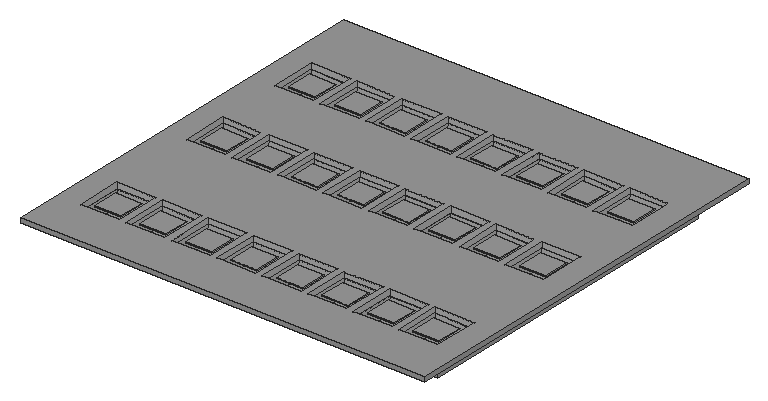
Revit family "2023870", category Lighting Fixtures, host Face, Revit 2018
Family settings
  Host = Face
  Round Connector Dimension = Use Diameter
  Part Type = Normal
  OmniClass Number = 23.80.70.00
  OmniClass Title = Lighting
  Cut with Voids When Loaded = No
  Light Source = Yes
  Shared = No
  Room Calculation Point = No
Parameters (values of type "2023870 OPTIX R 625 3L LUMI 4K ALU")
  Weight = "n/a"
  Wattage Comments = ""
  Wattage = 9.2903 W
  WarrantyStartDate [instance] = "n/a"
  WarrantyGuarantorParts = "n/a"
  WarrantyDurationUnit = "n/a"
  WarrantyDurationParts = ""
  WarrantyDescription = "http://www.sylvania-lighting.com"
  built-in parameter 1150110 = 1 (stored number, unit not read)
  Voltage = 0 V
  URL = "1"
  TypeName = "OPTIX RECESSED 625 3L LUMI 4K ALU"
  Type Image = <None>
  Type Comments = "n/a"
  built-in parameter 1114217 = 1 (stored number, unit not read)
  Tilt Angle = -90.00°
  built-in parameter 1150109 = 1 (stored number, unit not read)
  built-in parameter 1150134 = 3
  built-in parameter 1150113 = 1 (stored number, unit not read)
  SerialNumber [instance] = "n/a"
  Photometric Web File = "2023870.ies"
  Material_3_SYL = none
  PowerFactor = 0
  PowerConsumption = "Lighting"
  NominalLength = 621 mm
  NominalHeight = 38 mm
  NominalDepth = 620 mm
  Name = "OPTIX RECESSED 625 3L LUMI 4K ALU"
  ModelReference = Name  # "OPTIX RECESSED 625 3L LUMI 4K ALU"
  ModelNumber = "2023870"
  Model = Name  # "OPTIX RECESSED 625 3L LUMI 4K ALU"
  Material = "Feilo Sylvania"
  ManufacturerName = "102 lm/W"
  Manufacturer = ""
  LuminousEfficacy = ""
  built-in parameter 1150105 = 109.82 (stored number, unit not read)
  Lumens = 1380 lm
  LuminaireType = "0"
  built-in parameter 1150115 = 1 (stored number, unit not read)
  LightOutputRatio = "LED"
  built-in parameter 1150137 = (empty or 0)
  built-in parameter 1150139 = (empty or 0)
  LampsType = Lamp  # "n/a"
  LampNominalLuminous = "4000 K"
  LampMacAdamStep = "98"
  LampColourTemperature = "LED"
  LampColourRenderingIndex = "16500"
  built-in parameter 1150112 = 1 (stored number, unit not read)
  built-in parameter 1150114 = 1 (stored number, unit not read)
  Lamp = "n/a"
  Keynote = "n/a"
  InstallationDate [instance] = "n/a"
  InputVoltage = "0"
  InputNominalFrequency = "4000"
  built-in parameter 1150132 = (empty or 0)
  built-in parameter 1150102 = (empty or 0)
  built-in parameter 1150107 = 3200 (stored number, unit not read)
  built-in parameter 1150138 = (empty or 0)
  IngressProtection = "IfcLightFixtureType"
  ImpactProtectionIndex = "IfcLightFixtureType"
  built-in parameter 1150106 = 1.0982 (stored number, unit not read)
  IfcExportType = "IfcLightFixtureType"
  IfcExportAs = "Class I"
  Emit from Circle Diameter = 609.6 mm
  Emit Shape Visible in Rendering = no
  ElectricShockClassification = "102"
  built-in parameter 1150104 = 13.8 (stored number, unit not read)
  DocumentationLiterature = "http://www.sylvania-lighting.com/product/en-int/products/2023870"
  DimmingControlOptions = "n/a"
  Material_2_SYL = none
  Dimming Lamp Color Temperature Shift = <None>
  Description = "OPTIX RECESSED 625 3L LUMI 4000K ALU is a ceiling recessed luminaire for office and education applications with Aluminised plastic extra low glare optics and RAL9016 colour fixture body. Constant current driver. 4000K Neutral White LED, chromaticity tolerance of 3-step MacAdam ellipse. For 4000K - Colour rendering index Ra >98; Melanopic Ratio MEER: 0.776; Fidelity Index Rᶠ: 94; Gamut Index Rᶢ: 98. For 4000K luminous flux: 3750lm. Power consumption: 37W. Luminaire efficacy: 102lm/W. UGR<16 Luminance at 65°<200 Cd/m2, IK07, IP20. Photobiological safety risk group 0. Electrical protection Class I. Glow wire test 850°C. 60,000hrs L80B20 lifespan."
  Default Elevation = 1219.2 mm
  CreatedOn = "13/10/2022"
  CreatedBy = "@sylvania-lighting.com"
  Cost = 0
  Color Filter = 16777215
  built-in parameter 1114216 [instance] = (empty or 0)
  ClassificationValue = "EF_70_80"
  ClassificationName = "Uniclass2015"
  Material_1_SYL = none
  BarCode [instance] = "n/a"
  built-in parameter 1114218 = 1 (stored number, unit not read)
  built-in parameter 1150133 = 10 (stored number, unit not read)
  AssetType = "Fixed"
  AssetIdentifier [instance] = "n/a"
  Assembly Code = "D5020200"
  Apparent Load = 37 VA
  Material_4_SYL = none
Reference planes
  plane 1 "Center (Front/Back)": y = 0
  plane 2: z = 0
  plane 3 "Center (Left/Right)": x = 0
  plane 4: x = -310.5
  plane 5: x = 310.5
  plane 6: y = 310
  plane 7: y = -310
  plane 8: x = -281.5
  plane 9: x = 281.5
  plane 10: y = 250
  plane 11: y = -250
  plane 12: z = -32
  plane 13: z = 6
  plane 14: y = 204
  plane 15: y = -204
  plane 16: y = 134
  plane 17: y = -134
  plane 18: x = -280
  plane 19: x = 280
  plane 20: x = -275.2
  plane 21: x = -215.2
  plane 22: x = -205.4
  plane 23: x = -145.397
  plane 24: x = -135.597
  plane 25: x = -75.597
  plane 26: x = -65.797
  plane 27: x = -5.797
  plane 28: x = 4.003
  plane 29: x = 64.003
  plane 30: x = 73.803
  plane 31: x = 143.603
  plane 32: x = 133.803
  plane 33: x = 203.603
  plane 34: x = 213.403
  plane 35: x = 273.403
  plane 36: y = 149
  plane 37: y = 189
  plane 38: x = -225.2
  plane 39: x = -265.2
  plane 40: y = 169
  plane 41: y = 35
  plane 42: y = -35
  plane 43: x = -275.2
  plane 44: x = -215.2
  plane 45: x = -205.4
  plane 46: x = -145.397
  plane 47: x = -135.597
  plane 48: x = -75.597
  plane 49: x = -65.797
  plane 50: x = -5.797
  plane 51: x = 4.003
  plane 52: x = 64.003
  plane 53: x = 73.803
  plane 54: x = 143.603
  plane 55: x = 133.803
  plane 56: x = 203.603
  plane 57: x = 213.403
  plane 58: x = 273.403
  plane 59: y = -20
  plane 60: y = 20
  plane 61: x = -225.2
  plane 62: x = -265.2
  plane 63: y = 0
  plane 64: x = -275.2
  plane 65: x = -215.2
  plane 66: x = -205.4
  plane 67: x = -145.397
  plane 68: x = -135.597
  plane 69: x = -75.597
  plane 70: x = -65.797
  plane 71: x = -5.797
  plane 72: x = 4.003
  plane 73: x = 64.003
  plane 74: x = 73.803
  plane 75: x = 143.603
  plane 76: x = 133.803
  plane 77: x = 203.603
  plane 78: x = 213.403
  plane 79: x = 273.403
  plane 80: y = -224
  plane 81: y = -184
  plane 82: x = -225.2
  plane 83: x = -265.2
Forms (mm)
  Extrusion 1, solid, material "Aluminum", detail levels medium+fine
    sketch origin (0, 0, 0) x (1, 0, 0) y (0, 1, 0)
      loop
        line (-310.5, 310) -> (-310.5, -310) -> (310.5, -310) -> (310.5, 310) -> (-310.5, 310)
    from 0 to 6
  Extrusion 2, solid, material "Aluminum", detail levels medium+fine
    sketch origin (0, 0, 0) x (1, 0, 0) y (0, 1, 0)
      loop
        line (-281.5, 250) -> (-281.5, -250) -> (281.5, -250) -> (281.5, 250) -> (-281.5, 250)
    from 0 to -32
  Blend 3, void
    base sketch origin (0, 0, 0) x (1, 0, 0) y (0, 1, 0)
      loop
        line (-275.2, 204) -> (-275.2, 134) -> (-215.2, 134) -> (-215.2, 204) -> (-275.2, 204)
    top sketch origin (0, 0, 0) x (1, 0, 0) y (0, 1, 0)
      loop
        line (-265.2, 189) -> (-265.2, 149) -> (-225.2, 149) -> (-225.2, 189) -> (-265.2, 189)
    from 6 to -19
  Blend 4, void
    base sketch origin (69.8, 0, 0) x (1, 0, 0) y (0, 1, 0)
      loop
        line (-275.2, 204) -> (-275.2, 134) -> (-215.2, 134) -> (-215.2, 204) -> (-275.2, 204)
    top sketch origin (69.8, 0, 0) x (1, 0, 0) y (0, 1, 0)
      loop
        line (-265.2, 189) -> (-265.2, 149) -> (-225.2, 149) -> (-225.2, 189) -> (-265.2, 189)
    from 6 to -19
  Blend 5, void
    base sketch origin (139.603, 0, 0) x (1, 0, 0) y (0, 1, 0)
      loop
        line (-275.2, 204) -> (-275.2, 134) -> (-215.2, 134) -> (-215.2, 204) -> (-275.2, 204)
    top sketch origin (139.603, 0, 0) x (1, 0, 0) y (0, 1, 0)
      loop
        line (-265.2, 189) -> (-265.2, 149) -> (-225.2, 149) -> (-225.2, 189) -> (-265.2, 189)
    from 6 to -19
  Blend 6, void
    base sketch origin (209.403, 0, 0) x (1, 0, 0) y (0, 1, 0)
      loop
        line (-275.2, 204) -> (-275.2, 134) -> (-215.2, 134) -> (-215.2, 204) -> (-275.2, 204)
    top sketch origin (209.403, 0, 0) x (1, 0, 0) y (0, 1, 0)
      loop
        line (-265.2, 189) -> (-265.2, 149) -> (-225.2, 149) -> (-225.2, 189) -> (-265.2, 189)
    from 6 to -19
  Blend 7, void
    base sketch origin (279.203, 0, 0) x (1, 0, 0) y (0, 1, 0)
      loop
        line (-275.2, 204) -> (-275.2, 134) -> (-215.2, 134) -> (-215.2, 204) -> (-275.2, 204)
    top sketch origin (279.203, 0, 0) x (1, 0, 0) y (0, 1, 0)
      loop
        line (-265.2, 189) -> (-265.2, 149) -> (-225.2, 149) -> (-225.2, 189) -> (-265.2, 189)
    from 6 to -19
  Blend 8, void
    base sketch origin (349.003, 0, 0) x (1, 0, 0) y (0, 1, 0)
      loop
        line (-275.2, 204) -> (-275.2, 134) -> (-215.2, 134) -> (-215.2, 204) -> (-275.2, 204)
    top sketch origin (349.003, 0, 0) x (1, 0, 0) y (0, 1, 0)
      loop
        line (-265.2, 189) -> (-265.2, 149) -> (-225.2, 149) -> (-225.2, 189) -> (-265.2, 189)
    from 6 to -19
  Blend 9, void
    base sketch origin (418.803, 0, 0) x (1, 0, 0) y (0, 1, 0)
      loop
        line (-275.2, 204) -> (-275.2, 134) -> (-215.2, 134) -> (-215.2, 204) -> (-275.2, 204)
    top sketch origin (418.803, 0, 0) x (1, 0, 0) y (0, 1, 0)
      loop
        line (-265.2, 189) -> (-265.2, 149) -> (-225.2, 149) -> (-225.2, 189) -> (-265.2, 189)
    from 6 to -19
  Blend 10, void
    base sketch origin (488.603, 0, 0) x (1, 0, 0) y (0, 1, 0)
      loop
        line (-275.2, 204) -> (-275.2, 134) -> (-215.2, 134) -> (-215.2, 204) -> (-275.2, 204)
    top sketch origin (488.603, 0, 0) x (1, 0, 0) y (0, 1, 0)
      loop
        line (-265.2, 189) -> (-265.2, 149) -> (-225.2, 149) -> (-225.2, 189) -> (-265.2, 189)
    from 6 to -19
  Extrusion 11, solid, material "Glass, White, High Luminance", detail levels fine
    sketch origin (0, 0, 0) x (1, 0, 0) y (0, 1, 0)
      loop
        line (-265.2, 189) -> (-265.2, 149) -> (-225.2, 149) -> (-225.2, 189) -> (-265.2, 189)
    from 0 to 1
  Extrusion 12, solid, material "Glass, White, High Luminance", detail levels fine
    sketch origin (69.8, 0, 0) x (1, 0, 0) y (0, 1, 0)
      loop
        line (-265.2, 189) -> (-265.2, 149) -> (-225.2, 149) -> (-225.2, 189) -> (-265.2, 189)
    from 0 to 1
  Extrusion 13, solid, material "Glass, White, High Luminance", detail levels fine
    sketch origin (139.603, 0, 0) x (1, 0, 0) y (0, 1, 0)
      loop
        line (-265.2, 189) -> (-265.2, 149) -> (-225.2, 149) -> (-225.2, 189) -> (-265.2, 189)
    from 0 to 1
  Extrusion 14, solid, material "Glass, White, High Luminance", detail levels fine
    sketch origin (209.403, 0, 0) x (1, 0, 0) y (0, 1, 0)
      loop
        line (-265.2, 189) -> (-265.2, 149) -> (-225.2, 149) -> (-225.2, 189) -> (-265.2, 189)
    from 0 to 1
  Extrusion 15, solid, material "Glass, White, High Luminance", detail levels fine
    sketch origin (279.203, 0, 0) x (1, 0, 0) y (0, 1, 0)
      loop
        line (-265.2, 189) -> (-265.2, 149) -> (-225.2, 149) -> (-225.2, 189) -> (-265.2, 189)
    from 0 to 1
  Extrusion 16, solid, material "Glass, White, High Luminance", detail levels fine
    sketch origin (349.003, 0, 0) x (1, 0, 0) y (0, 1, 0)
      loop
        line (-265.2, 189) -> (-265.2, 149) -> (-225.2, 149) -> (-225.2, 189) -> (-265.2, 189)
    from 0 to 1
  Extrusion 17, solid, material "Glass, White, High Luminance", detail levels fine
    sketch origin (418.803, 0, 0) x (1, 0, 0) y (0, 1, 0)
      loop
        line (-265.2, 189) -> (-265.2, 149) -> (-225.2, 149) -> (-225.2, 189) -> (-265.2, 189)
    from 0 to 1
  Extrusion 18, solid, material "Glass, White, High Luminance", detail levels fine
    sketch origin (488.603, 0, 0) x (1, 0, 0) y (0, 1, 0)
      loop
        line (-265.2, 189) -> (-265.2, 149) -> (-225.2, 149) -> (-225.2, 189) -> (-265.2, 189)
    from 0 to 1
  Extrusion 19, solid, material "Glass, White, High Luminance", detail levels fine
    sketch origin (0, -169, 0) x (1, 0, 0) y (0, 1, 0)
      loop
        line (-265.2, 189) -> (-265.2, 149) -> (-225.2, 149) -> (-225.2, 189) -> (-265.2, 189)
    from 0 to 1
  Extrusion 20, solid, material "Glass, White, High Luminance", detail levels fine
    sketch origin (69.8, -169, 0) x (1, 0, 0) y (0, 1, 0)
      loop
        line (-265.2, 189) -> (-265.2, 149) -> (-225.2, 149) -> (-225.2, 189) -> (-265.2, 189)
    from 0 to 1
  Extrusion 21, solid, material "Glass, White, High Luminance", detail levels fine
    sketch origin (139.603, -169, 0) x (1, 0, 0) y (0, 1, 0)
      loop
        line (-265.2, 189) -> (-265.2, 149) -> (-225.2, 149) -> (-225.2, 189) -> (-265.2, 189)
    from 0 to 1
  Extrusion 22, solid, material "Glass, White, High Luminance", detail levels fine
    sketch origin (209.403, -169, 0) x (1, 0, 0) y (0, 1, 0)
      loop
        line (-265.2, 189) -> (-265.2, 149) -> (-225.2, 149) -> (-225.2, 189) -> (-265.2, 189)
    from 0 to 1
  Extrusion 23, solid, material "Glass, White, High Luminance", detail levels fine
    sketch origin (279.203, -169, 0) x (1, 0, 0) y (0, 1, 0)
      loop
        line (-265.2, 189) -> (-265.2, 149) -> (-225.2, 149) -> (-225.2, 189) -> (-265.2, 189)
    from 0 to 1
  Extrusion 24, solid, material "Glass, White, High Luminance", detail levels fine
    sketch origin (349.003, -169, 0) x (1, 0, 0) y (0, 1, 0)
      loop
        line (-265.2, 189) -> (-265.2, 149) -> (-225.2, 149) -> (-225.2, 189) -> (-265.2, 189)
    from 0 to 1
  Extrusion 25, solid, material "Glass, White, High Luminance", detail levels fine
    sketch origin (418.803, -169, 0) x (1, 0, 0) y (0, 1, 0)
      loop
        line (-265.2, 189) -> (-265.2, 149) -> (-225.2, 149) -> (-225.2, 189) -> (-265.2, 189)
    from 0 to 1
  Extrusion 26, solid, material "Glass, White, High Luminance", detail levels fine
    sketch origin (488.603, -169, 0) x (1, 0, 0) y (0, 1, 0)
      loop
        line (-265.2, 189) -> (-265.2, 149) -> (-225.2, 149) -> (-225.2, 189) -> (-265.2, 189)
    from 0 to 1
  Blend 27, void
    base sketch origin (0, -169, 0) x (1, 0, 0) y (0, 1, 0)
      loop
        line (-275.2, 204) -> (-275.2, 134) -> (-215.2, 134) -> (-215.2, 204) -> (-275.2, 204)
    top sketch origin (0, -169, 0) x (1, 0, 0) y (0, 1, 0)
      loop
        line (-265.2, 189) -> (-265.2, 149) -> (-225.2, 149) -> (-225.2, 189) -> (-265.2, 189)
    from 6 to -19
  Blend 28, void
    base sketch origin (69.8, -169, 0) x (1, 0, 0) y (0, 1, 0)
      loop
        line (-275.2, 204) -> (-275.2, 134) -> (-215.2, 134) -> (-215.2, 204) -> (-275.2, 204)
    top sketch origin (69.8, -169, 0) x (1, 0, 0) y (0, 1, 0)
      loop
        line (-265.2, 189) -> (-265.2, 149) -> (-225.2, 149) -> (-225.2, 189) -> (-265.2, 189)
    from 6 to -19
  Blend 29, void
    base sketch origin (139.603, -169, 0) x (1, 0, 0) y (0, 1, 0)
      loop
        line (-275.2, 204) -> (-275.2, 134) -> (-215.2, 134) -> (-215.2, 204) -> (-275.2, 204)
    top sketch origin (139.603, -169, 0) x (1, 0, 0) y (0, 1, 0)
      loop
        line (-265.2, 189) -> (-265.2, 149) -> (-225.2, 149) -> (-225.2, 189) -> (-265.2, 189)
    from 6 to -19
  Blend 30, void
    base sketch origin (209.403, -169, 0) x (1, 0, 0) y (0, 1, 0)
      loop
        line (-275.2, 204) -> (-275.2, 134) -> (-215.2, 134) -> (-215.2, 204) -> (-275.2, 204)
    top sketch origin (209.403, -169, 0) x (1, 0, 0) y (0, 1, 0)
      loop
        line (-265.2, 189) -> (-265.2, 149) -> (-225.2, 149) -> (-225.2, 189) -> (-265.2, 189)
    from 6 to -19
  Blend 31, void
    base sketch origin (279.203, -169, 0) x (1, 0, 0) y (0, 1, 0)
      loop
        line (-275.2, 204) -> (-275.2, 134) -> (-215.2, 134) -> (-215.2, 204) -> (-275.2, 204)
    top sketch origin (279.203, -169, 0) x (1, 0, 0) y (0, 1, 0)
      loop
        line (-265.2, 189) -> (-265.2, 149) -> (-225.2, 149) -> (-225.2, 189) -> (-265.2, 189)
    from 6 to -19
  Blend 32, void
    base sketch origin (349.003, -169, 0) x (1, 0, 0) y (0, 1, 0)
      loop
        line (-275.2, 204) -> (-275.2, 134) -> (-215.2, 134) -> (-215.2, 204) -> (-275.2, 204)
    top sketch origin (349.003, -169, 0) x (1, 0, 0) y (0, 1, 0)
      loop
        line (-265.2, 189) -> (-265.2, 149) -> (-225.2, 149) -> (-225.2, 189) -> (-265.2, 189)
    from 6 to -19
  Blend 33, void
    base sketch origin (418.803, -169, 0) x (1, 0, 0) y (0, 1, 0)
      loop
        line (-275.2, 204) -> (-275.2, 134) -> (-215.2, 134) -> (-215.2, 204) -> (-275.2, 204)
    top sketch origin (418.803, -169, 0) x (1, 0, 0) y (0, 1, 0)
      loop
        line (-265.2, 189) -> (-265.2, 149) -> (-225.2, 149) -> (-225.2, 189) -> (-265.2, 189)
    from 6 to -19
  Blend 34, void
    base sketch origin (488.603, -169, 0) x (1, 0, 0) y (0, 1, 0)
      loop
        line (-275.2, 204) -> (-275.2, 134) -> (-215.2, 134) -> (-215.2, 204) -> (-275.2, 204)
    top sketch origin (488.603, -169, 0) x (1, 0, 0) y (0, 1, 0)
      loop
        line (-265.2, 189) -> (-265.2, 149) -> (-225.2, 149) -> (-225.2, 189) -> (-265.2, 189)
    from 6 to -19
  Extrusion 35, solid, material "Glass, White, High Luminance", detail levels fine
    sketch origin (0, -373, 0) x (1, 0, 0) y (0, 1, 0)
      loop
        line (-265.2, 189) -> (-265.2, 149) -> (-225.2, 149) -> (-225.2, 189) -> (-265.2, 189)
    from 0 to 1
  Extrusion 36, solid, material "Glass, White, High Luminance", detail levels fine
    sketch origin (69.8, -373, 0) x (1, 0, 0) y (0, 1, 0)
      loop
        line (-265.2, 189) -> (-265.2, 149) -> (-225.2, 149) -> (-225.2, 189) -> (-265.2, 189)
    from 0 to 1
  Extrusion 37, solid, material "Glass, White, High Luminance", detail levels fine
    sketch origin (139.603, -373, 0) x (1, 0, 0) y (0, 1, 0)
      loop
        line (-265.2, 189) -> (-265.2, 149) -> (-225.2, 149) -> (-225.2, 189) -> (-265.2, 189)
    from 0 to 1
  Extrusion 38, solid, material "Glass, White, High Luminance", detail levels fine
    sketch origin (209.403, -373, 0) x (1, 0, 0) y (0, 1, 0)
      loop
        line (-265.2, 189) -> (-265.2, 149) -> (-225.2, 149) -> (-225.2, 189) -> (-265.2, 189)
    from 0 to 1
  Extrusion 39, solid, material "Glass, White, High Luminance", detail levels fine
    sketch origin (279.203, -373, 0) x (1, 0, 0) y (0, 1, 0)
      loop
        line (-265.2, 189) -> (-265.2, 149) -> (-225.2, 149) -> (-225.2, 189) -> (-265.2, 189)
    from 0 to 1
  Extrusion 40, solid, material "Glass, White, High Luminance", detail levels fine
    sketch origin (349.003, -373, 0) x (1, 0, 0) y (0, 1, 0)
      loop
        line (-265.2, 189) -> (-265.2, 149) -> (-225.2, 149) -> (-225.2, 189) -> (-265.2, 189)
    from 0 to 1
  Extrusion 41, solid, material "Glass, White, High Luminance", detail levels fine
    sketch origin (418.803, -373, 0) x (1, 0, 0) y (0, 1, 0)
      loop
        line (-265.2, 189) -> (-265.2, 149) -> (-225.2, 149) -> (-225.2, 189) -> (-265.2, 189)
    from 0 to 1
  Extrusion 42, solid, material "Glass, White, High Luminance", detail levels fine
    sketch origin (488.603, -373, 0) x (1, 0, 0) y (0, 1, 0)
      loop
        line (-265.2, 189) -> (-265.2, 149) -> (-225.2, 149) -> (-225.2, 189) -> (-265.2, 189)
    from 0 to 1
  Blend 43, void
    base sketch origin (0, -373, 0) x (1, 0, 0) y (0, 1, 0)
      loop
        line (-275.2, 204) -> (-275.2, 134) -> (-215.2, 134) -> (-215.2, 204) -> (-275.2, 204)
    top sketch origin (0, -373, 0) x (1, 0, 0) y (0, 1, 0)
      loop
        line (-265.2, 189) -> (-265.2, 149) -> (-225.2, 149) -> (-225.2, 189) -> (-265.2, 189)
    from 6 to -19
  Blend 44, void
    base sketch origin (69.8, -373, 0) x (1, 0, 0) y (0, 1, 0)
      loop
        line (-275.2, 204) -> (-275.2, 134) -> (-215.2, 134) -> (-215.2, 204) -> (-275.2, 204)
    top sketch origin (69.8, -373, 0) x (1, 0, 0) y (0, 1, 0)
      loop
        line (-265.2, 189) -> (-265.2, 149) -> (-225.2, 149) -> (-225.2, 189) -> (-265.2, 189)
    from 6 to -19
  Blend 45, void
    base sketch origin (139.603, -373, 0) x (1, 0, 0) y (0, 1, 0)
      loop
        line (-275.2, 204) -> (-275.2, 134) -> (-215.2, 134) -> (-215.2, 204) -> (-275.2, 204)
    top sketch origin (139.603, -373, 0) x (1, 0, 0) y (0, 1, 0)
      loop
        line (-265.2, 189) -> (-265.2, 149) -> (-225.2, 149) -> (-225.2, 189) -> (-265.2, 189)
    from 6 to -19
  Blend 46, void
    base sketch origin (209.403, -373, 0) x (1, 0, 0) y (0, 1, 0)
      loop
        line (-275.2, 204) -> (-275.2, 134) -> (-215.2, 134) -> (-215.2, 204) -> (-275.2, 204)
    top sketch origin (209.403, -373, 0) x (1, 0, 0) y (0, 1, 0)
      loop
        line (-265.2, 189) -> (-265.2, 149) -> (-225.2, 149) -> (-225.2, 189) -> (-265.2, 189)
    from 6 to -19
  Blend 47, void
    base sketch origin (279.203, -373, 0) x (1, 0, 0) y (0, 1, 0)
      loop
        line (-275.2, 204) -> (-275.2, 134) -> (-215.2, 134) -> (-215.2, 204) -> (-275.2, 204)
    top sketch origin (279.203, -373, 0) x (1, 0, 0) y (0, 1, 0)
      loop
        line (-265.2, 189) -> (-265.2, 149) -> (-225.2, 149) -> (-225.2, 189) -> (-265.2, 189)
    from 6 to -19
  Blend 48, void
    base sketch origin (349.003, -373, 0) x (1, 0, 0) y (0, 1, 0)
      loop
        line (-275.2, 204) -> (-275.2, 134) -> (-215.2, 134) -> (-215.2, 204) -> (-275.2, 204)
    top sketch origin (349.003, -373, 0) x (1, 0, 0) y (0, 1, 0)
      loop
        line (-265.2, 189) -> (-265.2, 149) -> (-225.2, 149) -> (-225.2, 189) -> (-265.2, 189)
    from 6 to -19
  Blend 49, void
    base sketch origin (418.803, -373, 0) x (1, 0, 0) y (0, 1, 0)
      loop
        line (-275.2, 204) -> (-275.2, 134) -> (-215.2, 134) -> (-215.2, 204) -> (-275.2, 204)
    top sketch origin (418.803, -373, 0) x (1, 0, 0) y (0, 1, 0)
      loop
        line (-265.2, 189) -> (-265.2, 149) -> (-225.2, 149) -> (-225.2, 189) -> (-265.2, 189)
    from 6 to -19
  Blend 50, void
    base sketch origin (488.603, -373, 0) x (1, 0, 0) y (0, 1, 0)
      loop
        line (-275.2, 204) -> (-275.2, 134) -> (-215.2, 134) -> (-215.2, 204) -> (-275.2, 204)
    top sketch origin (488.603, -373, 0) x (1, 0, 0) y (0, 1, 0)
      loop
        line (-265.2, 189) -> (-265.2, 149) -> (-225.2, 149) -> (-225.2, 189) -> (-265.2, 189)
    from 6 to -19
  Extrusion 51, solid, detail levels coarse
    sketch origin (0, 0, 0) x (1, 0, 0) y (0, 0, 1)
      loop
        line (-310.5, 6) -> (-310.5, -32) -> (310, -32) -> (310, 6) -> (-310.5, 6)
    from -310 to 310
Cuts and joins
  Blend 3, Blend 4, Blend 5, Blend 6, Blend 7, Blend 8, Blend 9, Blend 10, Blend 27, Blend 28, Blend 29, Blend 30, Blend 31, Blend 32, Blend 33, Blend 34, Blend 43, Blend 44, Blend 45, Blend 46, Blend 47, Blend 48, Blend 49, Blend 50 cuts Extrusion 1
  Blend 3, Blend 4, Blend 5, Blend 6, Blend 7, Blend 8, Blend 9, Blend 10, Blend 27, Blend 28, Blend 29, Blend 30, Blend 31, Blend 32, Blend 33, Blend 34, Blend 43, Blend 44, Blend 45, Blend 46, Blend 47, Blend 48, Blend 49, Blend 50 cuts Extrusion 2
  Blend 27 cuts Extrusion 11
  Blend 28 cuts Extrusion 12
  Blend 29 cuts Extrusion 13
  Blend 30 cuts Extrusion 14
  Blend 31 cuts Extrusion 15
  Blend 32 cuts Extrusion 16
  Blend 33 cuts Extrusion 17
  Blend 34 cuts Extrusion 18
  Blend 43 cuts Extrusion 19
  Blend 44 cuts Extrusion 20
  Blend 45 cuts Extrusion 21
  Blend 46 cuts Extrusion 22
  Blend 47 cuts Extrusion 23
  Blend 48 cuts Extrusion 24
  Blend 49 cuts Extrusion 25
  Blend 50 cuts Extrusion 26
Dimensions and locks
  "NominalLength": plane 4 to plane 5
  equal spacing: plane 4, plane 3 "Center (Left/Right)", plane 5
  "NominalDepth": plane 6 to plane 7
  equal spacing: plane 6, plane 1 "Center (Front/Back)", plane 7
  plane 12 to plane 2 = 32 mm
  plane 13 to plane 2 = 6 mm
  "NominalHeight": plane 12 to plane 13
  aligned and locked: plane 2 to host face
  aligned and locked: level to host face
Automatic sketch dimensions
  host sketch curve to host sketch curve = 2438.4 mm  (x2)
  Extrusion 1 sketch curve to plane 4 = 0 mm
  Extrusion 1 sketch curve to plane 5 = 0 mm
  Extrusion 1 sketch curve to plane 7 = 0 mm
  Extrusion 1 sketch curve to plane 6 = 0 mm
  Extrusion 2 sketch curve to plane 8 = 0 mm
  Extrusion 2 sketch curve to plane 9 = 0 mm
  Extrusion 2 sketch curve to plane 11 = 0 mm
  Extrusion 2 sketch curve to plane 10 = 0 mm
  Blend 3 sketch curve to plane 16 = 0 mm
  Blend 3 sketch curve to plane 20 = 0 mm
  Blend 3 sketch curve to plane 21 = 0 mm
  Blend 3 sketch curve to plane 14 = 0 mm
  Blend 3 sketch curve to plane 36 = 0 mm
  Blend 3 sketch curve to plane 39 = 0 mm
  Blend 3 sketch curve to plane 38 = 0 mm
  Blend 3 sketch curve to plane 37 = 0 mm
  Blend 4 sketch curve to plane 16 = 0 mm
  Blend 4 sketch curve to plane 22 = 0 mm
  Blend 4 sketch curve to plane 14 = 0 mm
  Blend 4 sketch curve to plane 23 = 0.003 mm
  Blend 4 sketch curve to plane 36 = 0 mm
  Blend 4 sketch curve to plane 37 = 0 mm
  plane 22 to Blend 4 sketch curve = 10 mm
  Blend 4 sketch curve to plane 23 = 10.003 mm
  Blend 5 sketch curve to plane 16 = 0 mm
  Blend 5 sketch curve to plane 24 = 0 mm
  Blend 5 sketch curve to plane 25 = 0 mm
  Blend 5 sketch curve to plane 14 = 0 mm
  plane 36 to Blend 5 sketch curve = 0 mm
  plane 37 to Blend 5 sketch curve = 0 mm
  plane 24 to Blend 5 sketch curve = 10 mm
  Blend 5 sketch curve to plane 25 = 10 mm
  Blend 6 sketch curve to plane 16 = 0 mm
  Blend 6 sketch curve to plane 26 = 0 mm
  Blend 6 sketch curve to plane 27 = 0 mm
  Blend 6 sketch curve to plane 14 = 0 mm
  plane 36 to Blend 6 sketch curve = 0 mm
  plane 37 to Blend 6 sketch curve = 0 mm
  plane 26 to Blend 6 sketch curve = 10 mm
  Blend 6 sketch curve to plane 27 = 10 mm
  Blend 7 sketch curve to plane 16 = 0 mm
  Blend 7 sketch curve to plane 28 = 0 mm
  Blend 7 sketch curve to plane 29 = 0 mm
  Blend 7 sketch curve to plane 14 = 0 mm
  plane 36 to Blend 7 sketch curve = 0 mm
  plane 37 to Blend 7 sketch curve = 0 mm
  plane 28 to Blend 7 sketch curve = 10 mm
  Blend 7 sketch curve to plane 29 = 10 mm
  Blend 8 sketch curve to plane 16 = 0 mm
  Blend 8 sketch curve to plane 30 = 0 mm
  Blend 8 sketch curve to plane 32 = 0 mm
  Blend 8 sketch curve to plane 14 = 0 mm
  plane 36 to Blend 8 sketch curve = 0 mm
  plane 37 to Blend 8 sketch curve = 0 mm
  plane 30 to Blend 8 sketch curve = 10 mm
  Blend 8 sketch curve to plane 32 = 10 mm
  Blend 9 sketch curve to plane 16 = 0 mm
  Blend 9 sketch curve to plane 31 = 0 mm
  Blend 9 sketch curve to plane 33 = 0 mm
  Blend 9 sketch curve to plane 14 = 0 mm
  plane 36 to Blend 9 sketch curve = 0 mm
  plane 37 to Blend 9 sketch curve = 0 mm
  plane 31 to Blend 9 sketch curve = 10 mm
  Blend 9 sketch curve to plane 33 = 10 mm
  Blend 10 sketch curve to plane 16 = 0 mm
  Blend 10 sketch curve to plane 34 = 0 mm
  Blend 10 sketch curve to plane 35 = 0 mm
  Blend 10 sketch curve to plane 14 = 0 mm
  plane 36 to Blend 10 sketch curve = 0 mm
  plane 37 to Blend 10 sketch curve = 0 mm
  plane 34 to Blend 10 sketch curve = 10 mm
  Blend 10 sketch curve to plane 35 = 10 mm
  Extrusion 11 sketch curve to plane 36 = 0 mm
  Extrusion 11 sketch curve to plane 39 = 0 mm
  Extrusion 11 sketch curve to plane 38 = 0 mm
  Extrusion 11 sketch curve to plane 37 = 0 mm
  Extrusion 12 sketch curve to plane 36 = 0 mm
  Extrusion 12 sketch curve to plane 37 = 0 mm
  plane 22 to Extrusion 12 sketch curve = 10 mm
  Extrusion 12 sketch curve to plane 23 = 10.003 mm
  plane 36 to Extrusion 13 sketch curve = 0 mm
  plane 37 to Extrusion 13 sketch curve = 0 mm
  plane 24 to Extrusion 13 sketch curve = 10 mm
  Extrusion 13 sketch curve to plane 25 = 10 mm
  plane 36 to Extrusion 14 sketch curve = 0 mm
  plane 37 to Extrusion 14 sketch curve = 0 mm
  plane 26 to Extrusion 14 sketch curve = 10 mm
  Extrusion 14 sketch curve to plane 27 = 10 mm
  plane 36 to Extrusion 15 sketch curve = 0 mm
  plane 37 to Extrusion 15 sketch curve = 0 mm
  plane 28 to Extrusion 15 sketch curve = 10 mm
  Extrusion 15 sketch curve to plane 29 = 10 mm
  plane 36 to Extrusion 16 sketch curve = 0 mm
  plane 37 to Extrusion 16 sketch curve = 0 mm
  plane 30 to Extrusion 16 sketch curve = 10 mm
  Extrusion 16 sketch curve to plane 32 = 10 mm
  plane 36 to Extrusion 17 sketch curve = 0 mm
  plane 37 to Extrusion 17 sketch curve = 0 mm
  plane 31 to Extrusion 17 sketch curve = 10 mm
  Extrusion 17 sketch curve to plane 33 = 10 mm
  plane 36 to Extrusion 18 sketch curve = 0 mm
  plane 37 to Extrusion 18 sketch curve = 0 mm
  plane 34 to Extrusion 18 sketch curve = 10 mm
  Extrusion 18 sketch curve to plane 35 = 10 mm
  Extrusion 19 sketch curve to plane 39 = 0 mm
  Extrusion 19 sketch curve to plane 38 = 0 mm
  Extrusion 19 sketch curve to plane 59 = 0 mm
  Extrusion 19 sketch curve to plane 60 = 0 mm
  Extrusion 20 sketch curve to plane 59 = 0 mm
  Extrusion 20 sketch curve to plane 60 = 0 mm
  plane 22 to Extrusion 20 sketch curve = 10 mm
  Extrusion 20 sketch curve to plane 23 = 10.003 mm
  plane 59 to Extrusion 21 sketch curve = 0 mm
  plane 60 to Extrusion 21 sketch curve = 0 mm
  plane 24 to Extrusion 21 sketch curve = 10 mm
  Extrusion 21 sketch curve to plane 25 = 10 mm
  plane 59 to Extrusion 22 sketch curve = 0 mm
  plane 60 to Extrusion 22 sketch curve = 0 mm
  plane 26 to Extrusion 22 sketch curve = 10 mm
  Extrusion 22 sketch curve to plane 27 = 10 mm
  plane 59 to Extrusion 23 sketch curve = 0 mm
  plane 60 to Extrusion 23 sketch curve = 0 mm
  plane 28 to Extrusion 23 sketch curve = 10 mm
  Extrusion 23 sketch curve to plane 29 = 10 mm
  plane 59 to Extrusion 24 sketch curve = 0 mm
  plane 60 to Extrusion 24 sketch curve = 0 mm
  plane 30 to Extrusion 24 sketch curve = 10 mm
  Extrusion 24 sketch curve to plane 32 = 10 mm
  plane 59 to Extrusion 25 sketch curve = 0 mm
  plane 60 to Extrusion 25 sketch curve = 0 mm
  plane 31 to Extrusion 25 sketch curve = 10 mm
  Extrusion 25 sketch curve to plane 33 = 10 mm
  plane 59 to Extrusion 26 sketch curve = 0 mm
  plane 60 to Extrusion 26 sketch curve = 0 mm
  plane 34 to Extrusion 26 sketch curve = 10 mm
  Extrusion 26 sketch curve to plane 35 = 10 mm
  Blend 27 sketch curve to plane 20 = 0 mm
  Blend 27 sketch curve to plane 21 = 0 mm
  Blend 27 sketch curve to plane 42 = 0 mm
  Blend 27 sketch curve to plane 41 = 0 mm
  Blend 27 sketch curve to plane 39 = 0 mm
  Blend 27 sketch curve to plane 38 = 0 mm
  Blend 27 sketch curve to plane 59 = 0 mm
  Blend 27 sketch curve to plane 60 = 0 mm
  Blend 28 sketch curve to plane 22 = 0 mm
  Blend 28 sketch curve to plane 42 = 0 mm
  Blend 28 sketch curve to plane 41 = 0 mm
  Blend 28 sketch curve to plane 23 = 0.003 mm
  Blend 28 sketch curve to plane 59 = 0 mm
  Blend 28 sketch curve to plane 60 = 0 mm
  plane 22 to Blend 28 sketch curve = 10 mm
  Blend 28 sketch curve to plane 23 = 10.003 mm
  Blend 29 sketch curve to plane 24 = 0 mm
  Blend 29 sketch curve to plane 25 = 0 mm
  Blend 29 sketch curve to plane 42 = 0 mm
  Blend 29 sketch curve to plane 41 = 0 mm
  plane 59 to Blend 29 sketch curve = 0 mm
  plane 60 to Blend 29 sketch curve = 0 mm
  plane 24 to Blend 29 sketch curve = 10 mm
  Blend 29 sketch curve to plane 25 = 10 mm
  Blend 30 sketch curve to plane 26 = 0 mm
  Blend 30 sketch curve to plane 27 = 0 mm
  Blend 30 sketch curve to plane 42 = 0 mm
  Blend 30 sketch curve to plane 41 = 0 mm
  plane 59 to Blend 30 sketch curve = 0 mm
  plane 60 to Blend 30 sketch curve = 0 mm
  plane 26 to Blend 30 sketch curve = 10 mm
  Blend 30 sketch curve to plane 27 = 10 mm
  Blend 31 sketch curve to plane 28 = 0 mm
  Blend 31 sketch curve to plane 29 = 0 mm
  Blend 31 sketch curve to plane 42 = 0 mm
  Blend 31 sketch curve to plane 41 = 0 mm
  plane 59 to Blend 31 sketch curve = 0 mm
  plane 60 to Blend 31 sketch curve = 0 mm
  plane 28 to Blend 31 sketch curve = 10 mm
  Blend 31 sketch curve to plane 29 = 10 mm
  Blend 32 sketch curve to plane 30 = 0 mm
  Blend 32 sketch curve to plane 32 = 0 mm
  Blend 32 sketch curve to plane 42 = 0 mm
  Blend 32 sketch curve to plane 41 = 0 mm
  plane 59 to Blend 32 sketch curve = 0 mm
  plane 60 to Blend 32 sketch curve = 0 mm
  plane 30 to Blend 32 sketch curve = 10 mm
  Blend 32 sketch curve to plane 32 = 10 mm
  Blend 33 sketch curve to plane 31 = 0 mm
  Blend 33 sketch curve to plane 33 = 0 mm
  Blend 33 sketch curve to plane 42 = 0 mm
  Blend 33 sketch curve to plane 41 = 0 mm
  plane 59 to Blend 33 sketch curve = 0 mm
  plane 60 to Blend 33 sketch curve = 0 mm
  plane 31 to Blend 33 sketch curve = 10 mm
  Blend 33 sketch curve to plane 33 = 10 mm
  Blend 34 sketch curve to plane 34 = 0 mm
  Blend 34 sketch curve to plane 35 = 0 mm
  Blend 34 sketch curve to plane 42 = 0 mm
  Blend 34 sketch curve to plane 41 = 0 mm
  plane 59 to Blend 34 sketch curve = 0 mm
  plane 60 to Blend 34 sketch curve = 0 mm
  plane 34 to Blend 34 sketch curve = 10 mm
  Blend 34 sketch curve to plane 35 = 10 mm
  Extrusion 35 sketch curve to plane 39 = 0 mm
  Extrusion 35 sketch curve to plane 38 = 0 mm
  Extrusion 35 sketch curve to plane 80 = 0 mm
  Extrusion 35 sketch curve to plane 81 = 0 mm
  Extrusion 36 sketch curve to plane 80 = 0 mm
  Extrusion 36 sketch curve to plane 81 = 0 mm
  plane 22 to Extrusion 36 sketch curve = 10 mm
  Extrusion 36 sketch curve to plane 23 = 10.003 mm
  plane 80 to Extrusion 37 sketch curve = 0 mm
  plane 81 to Extrusion 37 sketch curve = 0 mm
  plane 24 to Extrusion 37 sketch curve = 10 mm
  Extrusion 37 sketch curve to plane 25 = 10 mm
  plane 80 to Extrusion 38 sketch curve = 0 mm
  plane 81 to Extrusion 38 sketch curve = 0 mm
  plane 26 to Extrusion 38 sketch curve = 10 mm
  Extrusion 38 sketch curve to plane 27 = 10 mm
  plane 80 to Extrusion 39 sketch curve = 0 mm
  plane 81 to Extrusion 39 sketch curve = 0 mm
  plane 28 to Extrusion 39 sketch curve = 10 mm
  Extrusion 39 sketch curve to plane 29 = 10 mm
  plane 80 to Extrusion 40 sketch curve = 0 mm
  plane 81 to Extrusion 40 sketch curve = 0 mm
  plane 30 to Extrusion 40 sketch curve = 10 mm
  Extrusion 40 sketch curve to plane 32 = 10 mm
  plane 80 to Extrusion 41 sketch curve = 0 mm
  plane 81 to Extrusion 41 sketch curve = 0 mm
  plane 31 to Extrusion 41 sketch curve = 10 mm
  Extrusion 41 sketch curve to plane 33 = 10 mm
  plane 80 to Extrusion 42 sketch curve = 0 mm
  plane 81 to Extrusion 42 sketch curve = 0 mm
  plane 34 to Extrusion 42 sketch curve = 10 mm
  Extrusion 42 sketch curve to plane 35 = 10 mm
  Blend 43 sketch curve to plane 20 = 0 mm
  Blend 43 sketch curve to plane 21 = 0 mm
  plane 11 to Blend 43 sketch curve = 11 mm
  plane 81 to Blend 43 sketch curve = 15 mm
  Blend 43 sketch curve to plane 39 = 0 mm
  Blend 43 sketch curve to plane 38 = 0 mm
  Blend 43 sketch curve to plane 80 = 0 mm
  Blend 43 sketch curve to plane 81 = 0 mm
  Blend 44 sketch curve to plane 22 = 0 mm
  Blend 44 sketch curve to plane 23 = 0.003 mm
  plane 11 to Blend 44 sketch curve = 11 mm
  plane 81 to Blend 44 sketch curve = 15 mm
  Blend 44 sketch curve to plane 80 = 0 mm
  Blend 44 sketch curve to plane 81 = 0 mm
  plane 22 to Blend 44 sketch curve = 10 mm
  Blend 44 sketch curve to plane 23 = 10.003 mm
  Blend 45 sketch curve to plane 24 = 0 mm
  Blend 45 sketch curve to plane 25 = 0 mm
  plane 11 to Blend 45 sketch curve = 11 mm
  plane 81 to Blend 45 sketch curve = 15 mm
  plane 80 to Blend 45 sketch curve = 0 mm
  plane 81 to Blend 45 sketch curve = 0 mm
  plane 24 to Blend 45 sketch curve = 10 mm
  Blend 45 sketch curve to plane 25 = 10 mm
  Blend 46 sketch curve to plane 26 = 0 mm
  Blend 46 sketch curve to plane 27 = 0 mm
  plane 11 to Blend 46 sketch curve = 11 mm
  plane 81 to Blend 46 sketch curve = 15 mm
  plane 80 to Blend 46 sketch curve = 0 mm
  plane 81 to Blend 46 sketch curve = 0 mm
  plane 26 to Blend 46 sketch curve = 10 mm
  Blend 46 sketch curve to plane 27 = 10 mm
  Blend 47 sketch curve to plane 28 = 0 mm
  Blend 47 sketch curve to plane 29 = 0 mm
  plane 11 to Blend 47 sketch curve = 11 mm
  plane 81 to Blend 47 sketch curve = 15 mm
  plane 80 to Blend 47 sketch curve = 0 mm
  plane 81 to Blend 47 sketch curve = 0 mm
  plane 28 to Blend 47 sketch curve = 10 mm
  Blend 47 sketch curve to plane 29 = 10 mm
  Blend 48 sketch curve to plane 30 = 0 mm
  Blend 48 sketch curve to plane 32 = 0 mm
  plane 11 to Blend 48 sketch curve = 11 mm
  plane 81 to Blend 48 sketch curve = 15 mm
  plane 80 to Blend 48 sketch curve = 0 mm
  plane 81 to Blend 48 sketch curve = 0 mm
  plane 30 to Blend 48 sketch curve = 10 mm
  Blend 48 sketch curve to plane 32 = 10 mm
  Blend 49 sketch curve to plane 31 = 0 mm
  Blend 49 sketch curve to plane 33 = 0 mm
  plane 11 to Blend 49 sketch curve = 11 mm
  plane 81 to Blend 49 sketch curve = 15 mm
  plane 80 to Blend 49 sketch curve = 0 mm
  plane 81 to Blend 49 sketch curve = 0 mm
  plane 31 to Blend 49 sketch curve = 10 mm
  Blend 49 sketch curve to plane 33 = 10 mm
  Blend 50 sketch curve to plane 34 = 0 mm
  Blend 50 sketch curve to plane 35 = 0 mm
  plane 11 to Blend 50 sketch curve = 11 mm
  plane 81 to Blend 50 sketch curve = 15 mm
  plane 80 to Blend 50 sketch curve = 0 mm
  plane 81 to Blend 50 sketch curve = 0 mm
  plane 34 to Blend 50 sketch curve = 10 mm
  Blend 50 sketch curve to plane 35 = 10 mm
  Extrusion 51 sketch curve to plane 4 = 0 mm
  plane 9 to Extrusion 51 sketch curve = 28.5 mm
  Extrusion 51 sketch curve to plane 12 = 0 mm
  plane 13 to Extrusion 51 sketch curve = 0 mm
Connectors
  electrical at (0, 0, 0), driven by "Apparent Load", driven by "PowerFactor", driven by "Voltage"
    settings: index 1, voltage 0 V, apparent load 37 VA, apparent load phase1 0 VA, apparent load phase2 0 VA, apparent load phase3 0 VA, power factor 0, load classification "Lighting", number of poles 1, system type 30, power factor state 1, is connector primary yes, connector utility no, sub classification motor no, connector description ""
